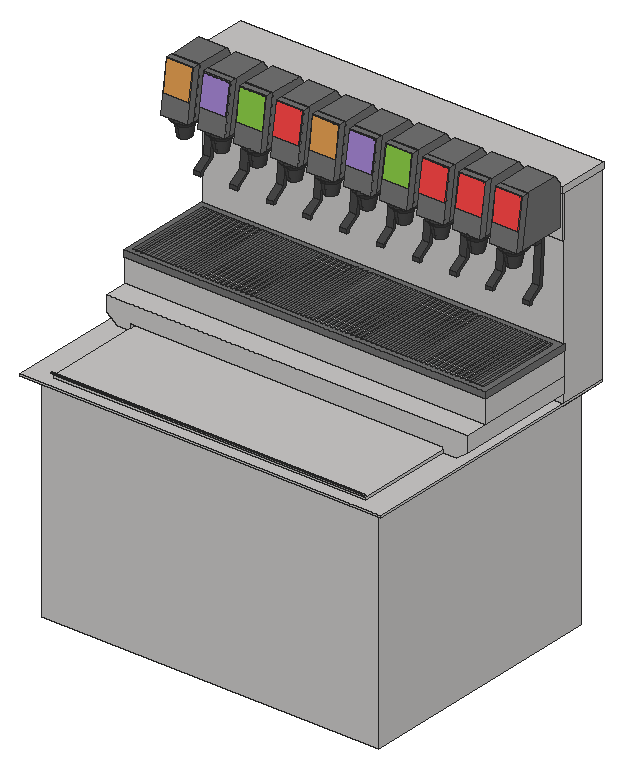
Revit family "QF_LANCER_ICD 23300", category Specialty Equipment, Revit 2012
Parameters
  Weight in Pounds = 0
  Watts = if(Phase = 3, Volts * FL Amps * 1.73, Volts * FL Amps)  # 0 W
  Waste Water Discharge Temperature [instance] = -459.67 °F
  Volts = 115 V
  URL Cutsheet = ""
  Type Mark [instance] = ""
  Status [instance] = ""
  Specification by User [instance] = ""
  Specification by Manufacturer = ""
  Show Clearance [instance] = yes
  Serial Number = ""
  Seismic Rating = ""
  SMACNA No = ""
  Revision Code [instance] = ""
  Plumbing Remarks [instance] = ""
  Plumbing Connection Type [instance] = ""
  Phase = 1
  Omniclass Number and Title = ""
  Number of Poles [instance] = 1
  NAFEM Spec ID Number = ""
  Model = "ICD 23300"
  Min Ckt Ampacity = 0 A
  Max Overcurrent Protection = 0 A
  Masterspec = ""
  Manufacturer = "LANCER"
  Item Number [instance] = ""
  Installed By [instance] = ""
  Indirect Waste Size = 3/4"
  Indirect Waste Flow [instance] = 0 GPM
  Indirect Waste Connection Type [instance] = ""
  Indirect Waste Connection Height = 0.000"
  Identify Quantity as Lot [instance] = yes
  HP = ""
  Furnished By [instance] = ""
  Foodservice Equipment Identifier [instance] = yes
  FL Amps = 0 A
  Electrical Remarks [instance] = ""
  Electric Connection Type [instance] = ""
  Elec Conn RI Height [instance] = 0.000"
  Elec Conn Connection Height [instance] = 0.000"
  Description = "ICE COOLED DROP IN DISPENSER"
  Cycle = 60 Hz
  Conn Plug = ""
  Conn Conduit = yes
  Cold Water Temperature Recommended [instance] = 0 °F
  Cold Water Size = 3/8"
  Cold Water RI Height [instance] = 0.000"
  Cold Water Minimum Pressure = 0.00 psi
  Cold Water Maximum Pressure = 0.00 psi
  Cold Water Flow [instance] = 0 GPM
  Cold Water Consumption = ""
  Cold Water Connection Height = 0.000"
  CSI MasterFormat = ""
  CSI Master Format = ""
  Apparent Power = if(Phase = 3, Volts * FL Amps * 1.73, Volts * FL Amps)  # 0 VA
Reference planes (in)
  plane 1 "BACK": y = 0
  plane 2: z = 0
  plane 3 "LEFT": x = 0
  plane 4 "RIGHT": x = 30
  plane 5 "FRONT": y = -23
  plane 6 "TOP": z = 35.25
  plane 7: x = 15
  plane 8: y = -11.5
  plane 9: z = 18
Forms (in)
  Extrusion 1, solid, material "QF_Finishes_Stainless Steel"
    sketch origin (0, 0, 0) x (1, 0, 0) y (0, 1, 0)
      loop
        line (1, -1) -> (1, -22) -> (29, -22) -> (29, -1) -> (1, -1)
    from 0 to 18
  Extrusion 2, solid, material "QF_Finishes_Stainless Steel"
    sketch origin (-16.16073, -180, 18) x (-1, 0, 0) y (0, -1, 0)
      loop
        line (-16.16073, -180) -> (-16.16073, -157) -> (-46.16073, -157) -> (-46.16073, -180) -> (-16.16073, -180)
    from 0 to 0.125
  Extrusion 3, solid, material "QF_Finishes_Stainless Steel"
    sketch origin (-16.16073, -180, 18) x (-1, 0, 0) y (0, -1, 0)
      loop
        line (-16.16073, -180) -> (-16.16073, -176) -> (-46.16073, -176) -> (-46.16073, -180) -> (-16.16073, -180)
    from 0 to 15.85
  Extrusion 4, solid, material "QF_Finishes_Stainless Steel"
    sketch origin (30, -4, 18) x (-1, 0, 0) y (0, 0, -1)
      loop
        line (29.08152, -0.125) -> (27.96875, -0.125) -> (27.96875, -0.625) -> (2.03125, -0.625) -> (2.03125, -0.125) -> (0.91848, -0.125) -> (0, -0.84669) -> (0, -2.125) -> (30, -2.125) -> (30, -0.84669) -> (29.08152, -0.125)
    from 0 to 10
  Extrusion 5, solid, material "QF_Finishes_Stainless Steel"
    sketch origin (0, -4, 20.125) x (1, 0, 0) y (0, 1, 0)
      loop
        line (0, 0) -> (0, -8.09495) -> (30, -8.09495) -> (30, 0) -> (0, 0)
    from 0 to 2
  Extrusion 6, solid, material "QF_Finishes_Dark Grey"
    sketch origin (0, -4, 22.125) x (1, 0, 0) y (0, 1, 0)
      loop
        line (0.375, -7.71995) -> (29.625, -7.71995) -> (29.625, -0.5) -> (0.375, -0.5) -> (0.375, -7.71995)
      loop
        line (-0.062, -8.15695) -> (30.062, -8.15695) -> (30.062, 0) -> (-0.062, 0) -> (-0.062, -8.15695)
    from 0 to 0.5
  Extrusion 7, solid, material "QF_Finishes_Dark Grey"
    sketch origin (0, -4, 22.625) x (1, 0, 0) y (0, 1, 0)
      loop
        line (0.63447, -7.71995) -> (0.80916, -7.71995) -> (0.80916, -0.5) -> (0.63447, -0.5) -> (0.63447, -7.71995)
      loop
        line (1.0491, -7.71995) -> (1.22379, -7.71995) -> (1.22379, -0.5) -> (1.0491, -0.5) -> (1.0491, -7.71995)
      loop
        line (1.46373, -7.71995) -> (1.63842, -7.71995) -> (1.63842, -0.5) -> (1.46373, -0.5) -> (1.46373, -7.71995)
      loop
        line (1.87836, -7.71995) -> (2.05306, -7.71995) -> (2.05306, -0.5) -> (1.87836, -0.5) -> (1.87836, -7.71995)
      loop
        line (2.29299, -7.71995) -> (2.46769, -7.71995) -> (2.46769, -0.5) -> (2.29299, -0.5) -> (2.29299, -7.71995)
      loop
        line (2.70762, -7.71995) -> (2.88232, -7.71995) -> (2.88232, -0.5) -> (2.70762, -0.5) -> (2.70762, -7.71995)
      loop
        line (3.12226, -7.71995) -> (3.29695, -7.71995) -> (3.29695, -0.5) -> (3.12226, -0.5) -> (3.12226, -7.71995)
      loop
        line (3.53689, -7.71995) -> (3.71158, -7.71995) -> (3.71158, -0.5) -> (3.53689, -0.5) -> (3.53689, -7.71995)
      loop
        line (3.95152, -7.71995) -> (4.12621, -7.71995) -> (4.12621, -0.5) -> (3.95152, -0.5) -> (3.95152, -7.71995)
      loop
        line (4.36615, -7.71995) -> (4.54084, -7.71995) -> (4.54084, -0.5) -> (4.36615, -0.5) -> (4.36615, -7.71995)
      loop
        line (4.78078, -7.71995) -> (4.95547, -7.71995) -> (4.95547, -0.5) -> (4.78078, -0.5) -> (4.78078, -7.71995)
      loop
        line (5.19541, -7.71995) -> (5.37011, -7.71995) -> (5.37011, -0.5) -> (5.19541, -0.5) -> (5.19541, -7.71995)
      loop
        line (5.61004, -7.71995) -> (5.78474, -7.71995) -> (5.78474, -0.5) -> (5.61004, -0.5) -> (5.61004, -7.71995)
      loop
        line (6.02467, -7.71995) -> (6.19937, -7.71995) -> (6.19937, -0.5) -> (6.02467, -0.5) -> (6.02467, -7.71995)
      loop
        line (6.4393, -7.71995) -> (6.614, -7.71995) -> (6.614, -0.5) -> (6.4393, -0.5) -> (6.4393, -7.71995)
      loop
        line (6.85394, -7.71995) -> (7.02863, -7.71995) -> (7.02863, -0.5) -> (6.85394, -0.5) -> (6.85394, -7.71995)
      loop
        line (7.26857, -7.71995) -> (7.44326, -7.71995) -> (7.44326, -0.5) -> (7.26857, -0.5) -> (7.26857, -7.71995)
      loop
        line (7.6832, -7.71995) -> (7.85789, -7.71995) -> (7.85789, -0.5) -> (7.6832, -0.5) -> (7.6832, -7.71995)
      loop
        line (8.09783, -7.71995) -> (8.27252, -7.71995) -> (8.27252, -0.5) -> (8.09783, -0.5) -> (8.09783, -7.71995)
      loop
        line (8.51246, -7.71995) -> (8.68716, -7.71995) -> (8.68716, -0.5) -> (8.51246, -0.5) -> (8.51246, -7.71995)
      loop
        line (8.92709, -7.71995) -> (9.10179, -7.71995) -> (9.10179, -0.5) -> (8.92709, -0.5) -> (8.92709, -7.71995)
      loop
        line (9.34172, -7.71995) -> (9.51642, -7.71995) -> (9.51642, -0.5) -> (9.34172, -0.5) -> (9.34172, -7.71995)
      loop
        line (9.75635, -7.71995) -> (9.93105, -7.71995) -> (9.93105, -0.5) -> (9.75635, -0.5) -> (9.75635, -7.71995)
      loop
        line (10.17099, -7.71995) -> (10.34568, -7.71995) -> (10.34568, -0.5) -> (10.17099, -0.5) -> (10.17099, -7.71995)
      loop
        line (10.58562, -7.71995) -> (10.76031, -7.71995) -> (10.76031, -0.5) -> (10.58562, -0.5) -> (10.58562, -7.71995)
      loop
        line (11.00025, -7.71995) -> (11.17494, -7.71995) -> (11.17494, -0.5) -> (11.00025, -0.5) -> (11.00025, -7.71995)
      loop
        line (11.41488, -7.71995) -> (11.58957, -7.71995) -> (11.58957, -0.5) -> (11.41488, -0.5) -> (11.41488, -7.71995)
      loop
        line (11.82951, -7.71995) -> (12.0042, -7.71995) -> (12.0042, -0.5) -> (11.82951, -0.5) -> (11.82951, -7.71995)
      loop
        line (12.24414, -7.71995) -> (12.41884, -7.71995) -> (12.41884, -0.5) -> (12.24414, -0.5) -> (12.24414, -7.71995)
      loop
        line (12.65877, -7.71995) -> (12.83347, -7.71995) -> (12.83347, -0.5) -> (12.65877, -0.5) -> (12.65877, -7.71995)
      loop
        line (13.0734, -7.71995) -> (13.2481, -7.71995) -> (13.2481, -0.5) -> (13.0734, -0.5) -> (13.0734, -7.71995)
      loop
        line (13.48804, -7.71995) -> (13.66273, -7.71995) -> (13.66273, -0.5) -> (13.48804, -0.5) -> (13.48804, -7.71995)
      loop
        line (13.90267, -7.71995) -> (14.07736, -7.71995) -> (14.07736, -0.5) -> (13.90267, -0.5) -> (13.90267, -7.71995)
      loop
        line (14.3173, -7.71995) -> (14.49199, -7.71995) -> (14.49199, -0.5) -> (14.3173, -0.5) -> (14.3173, -7.71995)
      loop
        line (14.73193, -7.71995) -> (14.90662, -7.71995) -> (14.90662, -0.5) -> (14.73193, -0.5) -> (14.73193, -7.71995)
      loop
        line (15.14656, -7.71995) -> (15.32125, -7.71995) -> (15.32125, -0.5) -> (15.14656, -0.5) -> (15.14656, -7.71995)
      loop
        line (15.56119, -7.71995) -> (15.73589, -7.71995) -> (15.73589, -0.5) -> (15.56119, -0.5) -> (15.56119, -7.71995)
      loop
        line (15.97582, -7.71995) -> (16.15052, -7.71995) -> (16.15052, -0.5) -> (15.97582, -0.5) -> (15.97582, -7.71995)
      loop
        line (16.39045, -7.71995) -> (16.56515, -7.71995) -> (16.56515, -0.5) -> (16.39045, -0.5) -> (16.39045, -7.71995)
      loop
        line (16.80508, -7.71995) -> (16.97978, -7.71995) -> (16.97978, -0.5) -> (16.80508, -0.5) -> (16.80508, -7.71995)
      loop
        line (17.21972, -7.71995) -> (17.39441, -7.71995) -> (17.39441, -0.5) -> (17.21972, -0.5) -> (17.21972, -7.71995)
      loop
        line (17.63435, -7.71995) -> (17.80904, -7.71995) -> (17.80904, -0.5) -> (17.63435, -0.5) -> (17.63435, -7.71995)
      loop
        line (18.04898, -7.71995) -> (18.22367, -7.71995) -> (18.22367, -0.5) -> (18.04898, -0.5) -> (18.04898, -7.71995)
      loop
        line (18.46361, -7.71995) -> (18.6383, -7.71995) -> (18.6383, -0.5) -> (18.46361, -0.5) -> (18.46361, -7.71995)
      loop
        line (18.87824, -7.71995) -> (19.05294, -7.71995) -> (19.05294, -0.5) -> (18.87824, -0.5) -> (18.87824, -7.71995)
      loop
        line (19.29287, -7.71995) -> (19.46757, -7.71995) -> (19.46757, -0.5) -> (19.29287, -0.5) -> (19.29287, -7.71995)
      loop
        line (19.7075, -7.71995) -> (19.8822, -7.71995) -> (19.8822, -0.5) -> (19.7075, -0.5) -> (19.7075, -7.71995)
      loop
        line (20.12213, -7.71995) -> (20.29683, -7.71995) -> (20.29683, -0.5) -> (20.12213, -0.5) -> (20.12213, -7.71995)
      loop
        line (20.53677, -7.71995) -> (20.71146, -7.71995) -> (20.71146, -0.5) -> (20.53677, -0.5) -> (20.53677, -7.71995)
      loop
        line (20.9514, -7.71995) -> (21.12609, -7.71995) -> (21.12609, -0.5) -> (20.9514, -0.5) -> (20.9514, -7.71995)
      loop
        line (21.36603, -7.71995) -> (21.54072, -7.71995) -> (21.54072, -0.5) -> (21.36603, -0.5) -> (21.36603, -7.71995)
      loop
        line (21.78066, -7.71995) -> (21.95535, -7.71995) -> (21.95535, -0.5) -> (21.78066, -0.5) -> (21.78066, -7.71995)
      loop
        line (22.19529, -7.71995) -> (22.36998, -7.71995) -> (22.36998, -0.5) -> (22.19529, -0.5) -> (22.19529, -7.71995)
      loop
        line (22.60992, -7.71995) -> (22.78462, -7.71995) -> (22.78462, -0.5) -> (22.60992, -0.5) -> (22.60992, -7.71995)
      loop
        line (23.02455, -7.71995) -> (23.19925, -7.71995) -> (23.19925, -0.5) -> (23.02455, -0.5) -> (23.02455, -7.71995)
      loop
        line (23.43918, -7.71995) -> (23.61388, -7.71995) -> (23.61388, -0.5) -> (23.43918, -0.5) -> (23.43918, -7.71995)
      loop
        line (23.85382, -7.71995) -> (24.02851, -7.71995) -> (24.02851, -0.5) -> (23.85382, -0.5) -> (23.85382, -7.71995)
      loop
        line (24.26845, -7.71995) -> (24.44314, -7.71995) -> (24.44314, -0.5) -> (24.26845, -0.5) -> (24.26845, -7.71995)
      loop
        line (24.68308, -7.71995) -> (24.85777, -7.71995) -> (24.85777, -0.5) -> (24.68308, -0.5) -> (24.68308, -7.71995)
      loop
        line (25.09771, -7.71995) -> (25.2724, -7.71995) -> (25.2724, -0.5) -> (25.09771, -0.5) -> (25.09771, -7.71995)
      loop
        line (25.51234, -7.71995) -> (25.68703, -7.71995) -> (25.68703, -0.5) -> (25.51234, -0.5) -> (25.51234, -7.71995)
      loop
        line (25.92697, -7.71995) -> (26.10167, -7.71995) -> (26.10167, -0.5) -> (25.92697, -0.5) -> (25.92697, -7.71995)
      loop
        line (26.3416, -7.71995) -> (26.5163, -7.71995) -> (26.5163, -0.5) -> (26.3416, -0.5) -> (26.3416, -7.71995)
      loop
        line (26.75623, -7.71995) -> (26.93093, -7.71995) -> (26.93093, -0.5) -> (26.75623, -0.5) -> (26.75623, -7.71995)
      loop
        line (27.17086, -7.71995) -> (27.34556, -7.71995) -> (27.34556, -0.5) -> (27.17086, -0.5) -> (27.17086, -7.71995)
      loop
        line (27.5855, -7.71995) -> (27.76019, -7.71995) -> (27.76019, -0.5) -> (27.5855, -0.5) -> (27.5855, -7.71995)
      loop
        line (28.00013, -7.71995) -> (28.17482, -7.71995) -> (28.17482, -0.5) -> (28.00013, -0.5) -> (28.00013, -7.71995)
      loop
        line (28.41476, -7.71995) -> (28.58945, -7.71995) -> (28.58945, -0.5) -> (28.41476, -0.5) -> (28.41476, -7.71995)
      loop
        line (28.82939, -7.71995) -> (29.00408, -7.71995) -> (29.00408, -0.5) -> (28.82939, -0.5) -> (28.82939, -7.71995)
      loop
        line (29.24402, -7.71995) -> (29.41872, -7.71995) -> (29.41872, -0.5) -> (29.24402, -0.5) -> (29.24402, -7.71995)
    from 0 to -0.125
  Extrusion 8, solid, material "QF_Finishes_Stainless Steel"
    sketch origin (-16.16073, -180, 33.85) x (-1, 0, 0) y (0, -1, 0)
      loop
        line (-16.09873, -175.875) -> (-46.22273, -175.875) -> (-46.22273, -180.062) -> (-16.09873, -180.062) -> (-16.09873, -175.875)
    from 0 to 0.5
  Extrusion 9, solid, material "QF_Finishes_Stainless Steel"
    sketch origin (30, -4, 18) x (-1, 0, 0) y (0, 0, -1)
      loop
        line (27.5, -0.125) -> (2.03125, -0.125) -> (2.03125, -0.625) -> (27.5, -0.625) -> (27.5, -0.125)
    from 0 to 9
  Extrusion 10, solid, material "QF_Finishes_Stainless Steel"
    sketch origin (2.03125, -4, 18.125) x (0, 0, 1) y (0, -1, 0)
      loop
        line (0, 9) -> (0.25, 9) -> (0.25, 17.96094) -> (0.57338, 18.28431) -> (0.52883, 18.32886) -> (0.19997, 18) -> (0, 18) -> (0, 9)
    from 0 to 25.9375
  Extrusion 11, solid, material "QF_Finishes_Stainless Steel"
    sketch origin (30, -4, 18) x (-1, 0, 0) y (0, 0, -1)
      loop
        line (30, -15.85) -> (30, -12.35) -> (0, -12.35) -> (0, -15.85) -> (30, -15.85)
    from 0 to 0.125
  Extrusion 12, solid, material "QF_Finishes_Stainless Steel"
    sketch origin (1, -1, 0) x (1, 0, 0) y (0, 0, -1)
      loop
        circle (14, -2.16687) r 0.5
      loop
        circle (14, -4.66687) r 0.1875
    from 0 to -0.125
Lines and regions (in)
  symbolic lines
    curve 1: line (0, 0, 18) -> (30, 0, 18)
    curve 2: line (0, -23, 18) -> (0, 0, 18)
    curve 3: line (30, -23, 18) -> (0, -23, 18)
    curve 4: line (30, 0, 18) -> (30, -23, 18)
    curve 5: line (0, -12.15695, 18) -> (30, -12.15695, 18)
    curve 6: line (0, -14, 18) -> (30, -14, 18)
    curve 7: line (2.03125, -14, 18) -> (2.03125, -22.28431, 18)
    curve 8: line (27.96875, -22.28431, 18) -> (27.96875, -14, 18)
    curve 9: line (2.03125, -22.28431, 18) -> (27.96875, -22.28431, 18)
    curve 10: line (2.03125, -21.96094, 18) -> (27.96875, -21.96094, 18)
    curve 11: line (0.375, -11.71995, 18) -> (0.375, -8.63085, 18)
    curve 12: line (29.625, -11.71995, 18) -> (0.375, -11.71995, 18)
    curve 13: line (29.625, -8.63085, 18) -> (29.625, -11.71995, 18)
    curve 14: line (2.44756, -8.63085, 18) -> (0.19756, -8.63085, 18)
    curve 15: line (2.44756, -4.125, 18) -> (2.44756, -8.63085, 18)
    curve 16: line (0.19756, -8.63085, 18) -> (0.19756, -4.125, 18)
    curve 17: line (0.19756, -4.625, 18) -> (2.44756, -4.625, 18)
    curve 18: line (2.44756, -7.99564, 18) -> (0.19756, -7.99564, 18)
    curve 19: line (0.24756, -8.00341, 18) -> (0.24756, -8.41454, 18)
    curve 20: line (0.24756, -8.41454, 18) -> (2.39756, -8.41454, 18)
    curve 21: line (0.19756, -7.42572, 18) -> (2.44756, -7.42572, 18)
    curve 22: line (2.39756, -8.41454, 18) -> (2.39756, -8.00341, 18)
    curve 23: line (0, -4.125, 18) -> (30, -4.125, 18)
    curve 24: line (5.48699, -8.63085, 18) -> (3.23699, -8.63085, 18)
    curve 25: line (5.48699, -4.125, 18) -> (5.48699, -8.63085, 18)
    curve 26: line (3.23699, -8.63085, 18) -> (3.23699, -4.125, 18)
    curve 27: line (3.23699, -4.625, 18) -> (5.48699, -4.625, 18)
    curve 28: line (5.48699, -7.99564, 18) -> (3.23699, -7.99564, 18)
    curve 29: line (3.28699, -8.00341, 18) -> (3.28699, -8.41454, 18)
    curve 30: line (3.28699, -8.41454, 18) -> (5.43699, -8.41454, 18)
    curve 31: line (3.23699, -7.42572, 18) -> (5.48699, -7.42572, 18)
    curve 32: line (5.43699, -8.41454, 18) -> (5.43699, -8.00341, 18)
    curve 33: line (8.52642, -8.63085, 18) -> (6.27642, -8.63085, 18)
    curve 34: line (8.52642, -4.125, 18) -> (8.52642, -8.63085, 18)
    curve 35: line (6.27642, -8.63085, 18) -> (6.27642, -4.125, 18)
    curve 36: line (6.27642, -4.625, 18) -> (8.52642, -4.625, 18)
    curve 37: line (8.52642, -7.99564, 18) -> (6.27642, -7.99564, 18)
    curve 38: line (6.32642, -8.00341, 18) -> (6.32642, -8.41454, 18)
    curve 39: line (6.32642, -8.41454, 18) -> (8.47642, -8.41454, 18)
    curve 40: line (6.27642, -7.42572, 18) -> (8.52642, -7.42572, 18)
    curve 41: line (8.47642, -8.41454, 18) -> (8.47642, -8.00341, 18)
    curve 42: line (11.56585, -8.63085, 18) -> (9.31585, -8.63085, 18)
    curve 43: line (11.56585, -4.125, 18) -> (11.56585, -8.63085, 18)
    curve 44: line (9.31585, -8.63085, 18) -> (9.31585, -4.125, 18)
    curve 45: line (9.31585, -4.625, 18) -> (11.56585, -4.625, 18)
    curve 46: line (11.56585, -7.99564, 18) -> (9.31585, -7.99564, 18)
    curve 47: line (9.36585, -8.00341, 18) -> (9.36585, -8.41454, 18)
    curve 48: line (9.36585, -8.41454, 18) -> (11.51585, -8.41454, 18)
    curve 49: line (9.31585, -7.42572, 18) -> (11.56585, -7.42572, 18)
    curve 50: line (11.51585, -8.41454, 18) -> (11.51585, -8.00341, 18)
    curve 51: line (14.60528, -8.63085, 18) -> (12.35528, -8.63085, 18)
    curve 52: line (14.60528, -4.125, 18) -> (14.60528, -8.63085, 18)
    curve 53: line (12.35528, -8.63085, 18) -> (12.35528, -4.125, 18)
    curve 54: line (12.35528, -4.625, 18) -> (14.60528, -4.625, 18)
    curve 55: line (14.60528, -7.99564, 18) -> (12.35528, -7.99564, 18)
    curve 56: line (12.40528, -8.00341, 18) -> (12.40528, -8.41454, 18)
    curve 57: line (12.40528, -8.41454, 18) -> (14.55528, -8.41454, 18)
    curve 58: line (12.35528, -7.42572, 18) -> (14.60528, -7.42572, 18)
    curve 59: line (14.55528, -8.41454, 18) -> (14.55528, -8.00341, 18)
    curve 60: line (17.64472, -8.63085, 18) -> (15.39472, -8.63085, 18)
    curve 61: line (17.64472, -4.125, 18) -> (17.64472, -8.63085, 18)
    curve 62: line (15.39472, -8.63085, 18) -> (15.39472, -4.125, 18)
    curve 63: line (15.39472, -4.625, 18) -> (17.64472, -4.625, 18)
    curve 64: line (17.64472, -7.99564, 18) -> (15.39472, -7.99564, 18)
    curve 65: line (15.44472, -8.00341, 18) -> (15.44472, -8.41454, 18)
    curve 66: line (15.44472, -8.41454, 18) -> (17.59472, -8.41454, 18)
    curve 67: line (15.39472, -7.42572, 18) -> (17.64472, -7.42572, 18)
    curve 68: line (17.59472, -8.41454, 18) -> (17.59472, -8.00341, 18)
    curve 69: line (20.68415, -8.63085, 18) -> (18.43415, -8.63085, 18)
    curve 70: line (20.68415, -4.125, 18) -> (20.68415, -8.63085, 18)
    curve 71: line (18.43415, -8.63085, 18) -> (18.43415, -4.125, 18)
    curve 72: line (18.43415, -4.625, 18) -> (20.68415, -4.625, 18)
    curve 73: line (20.68415, -7.99564, 18) -> (18.43415, -7.99564, 18)
    curve 74: line (18.48415, -8.00341, 18) -> (18.48415, -8.41454, 18)
    curve 75: line (18.48415, -8.41454, 18) -> (20.63415, -8.41454, 18)
    curve 76: line (18.43415, -7.42572, 18) -> (20.68415, -7.42572, 18)
    curve 77: line (20.63415, -8.41454, 18) -> (20.63415, -8.00341, 18)
    curve 78: line (23.72358, -8.63085, 18) -> (21.47358, -8.63085, 18)
    curve 79: line (23.72358, -4.125, 18) -> (23.72358, -8.63085, 18)
    curve 80: line (21.47358, -8.63085, 18) -> (21.47358, -4.125, 18)
    curve 81: line (21.47358, -4.625, 18) -> (23.72358, -4.625, 18)
    curve 82: line (23.72358, -7.99564, 18) -> (21.47358, -7.99564, 18)
    curve 83: line (21.52358, -8.00341, 18) -> (21.52358, -8.41454, 18)
    curve 84: line (21.52358, -8.41454, 18) -> (23.67358, -8.41454, 18)
    curve 85: line (21.47358, -7.42572, 18) -> (23.72358, -7.42572, 18)
    curve 86: line (23.67358, -8.41454, 18) -> (23.67358, -8.00341, 18)
    curve 87: line (26.76301, -8.63085, 18) -> (24.51301, -8.63085, 18)
    curve 88: line (26.76301, -4.125, 18) -> (26.76301, -8.63085, 18)
    curve 89: line (24.51301, -8.63085, 18) -> (24.51301, -4.125, 18)
    curve 90: line (24.51301, -4.625, 18) -> (26.76301, -4.625, 18)
    curve 91: line (26.76301, -7.99564, 18) -> (24.51301, -7.99564, 18)
    curve 92: line (24.56301, -8.00341, 18) -> (24.56301, -8.41454, 18)
    curve 93: line (24.56301, -8.41454, 18) -> (26.71301, -8.41454, 18)
    curve 94: line (24.51301, -7.42572, 18) -> (26.76301, -7.42572, 18)
    curve 95: line (26.71301, -8.41454, 18) -> (26.71301, -8.00341, 18)
    curve 96: line (29.80244, -8.63085, 18) -> (27.55244, -8.63085, 18)
    curve 97: line (29.80244, -4.125, 18) -> (29.80244, -8.63085, 18)
    curve 98: line (27.55244, -8.63085, 18) -> (27.55244, -4.125, 18)
    curve 99: line (27.55244, -4.625, 18) -> (29.80244, -4.625, 18)
    curve 100: line (29.80244, -7.99564, 18) -> (27.55244, -7.99564, 18)
    curve 101: line (27.60244, -8.00341, 18) -> (27.60244, -8.41454, 18)
    curve 102: line (27.60244, -8.41454, 18) -> (29.75244, -8.41454, 18)
    curve 103: line (27.55244, -7.42572, 18) -> (29.80244, -7.42572, 18)
    curve 104: line (29.75244, -8.41454, 18) -> (29.75244, -8.00341, 18)
    curve 105: line (0.63447, -8.63085, 16.125) -> (0.63447, -11.71995, 16.125)
    curve 106: line (0.80916, -11.71995, 16.125) -> (0.80916, -8.63085, 16.125)
    curve 107: line (1.0491, -8.63085, 16.125) -> (1.0491, -11.71995, 16.125)
    curve 108: line (1.22379, -11.71995, 16.125) -> (1.22379, -8.63085, 16.125)
    curve 109: line (1.46373, -8.63085, 16.125) -> (1.46373, -11.71995, 16.125)
    curve 110: line (1.63842, -11.71995, 16.125) -> (1.63842, -8.63085, 16.125)
    curve 111: line (1.87836, -8.63085, 16.125) -> (1.87836, -11.71995, 16.125)
    curve 112: line (2.05306, -11.71995, 16.125) -> (2.05306, -8.63085, 16.125)
    curve 113: line (2.29299, -8.63085, 16.125) -> (2.29299, -11.71995, 16.125)
    curve 114: line (2.46769, -11.71995, 16.125) -> (2.46769, -8.63085, 16.125)
    curve 115: line (2.70762, -4.125, 16.125) -> (2.70762, -11.71995, 16.125)
    curve 116: line (2.88232, -11.71995, 16.125) -> (2.88232, -4.125, 16.125)
    curve 117: line (3.12226, -4.125, 16.125) -> (3.12226, -11.71995, 16.125)
    curve 118: line (3.29695, -11.71995, 16.125) -> (3.29695, -8.63085, 16.125)
    curve 119: line (3.53689, -8.63085, 16.125) -> (3.53689, -11.71995, 16.125)
    curve 120: line (3.71158, -11.71995, 16.125) -> (3.71158, -8.63085, 16.125)
    curve 121: line (3.95152, -8.63085, 16.125) -> (3.95152, -11.71995, 16.125)
    curve 122: line (4.12621, -11.71995, 16.125) -> (4.12621, -8.63085, 16.125)
    curve 123: line (4.36615, -8.63085, 16.125) -> (4.36615, -11.71995, 16.125)
    curve 124: line (4.54084, -11.71995, 16.125) -> (4.54084, -8.63085, 16.125)
    curve 125: line (4.78078, -8.63085, 16.125) -> (4.78078, -11.71995, 16.125)
    curve 126: line (4.95547, -11.71995, 16.125) -> (4.95547, -8.63085, 16.125)
    curve 127: line (5.19541, -8.63085, 16.125) -> (5.19541, -11.71995, 16.125)
    curve 128: line (5.37011, -11.71995, 16.125) -> (5.37011, -8.63085, 16.125)
    curve 129: line (5.61004, -4.125, 16.125) -> (5.61004, -11.71995, 16.125)
    curve 130: line (5.78474, -11.71995, 16.125) -> (5.78474, -4.125, 16.125)
    curve 131: line (6.02467, -4.125, 16.125) -> (6.02467, -11.71995, 16.125)
    curve 132: line (6.19937, -11.71995, 16.125) -> (6.19937, -4.125, 16.125)
    curve 133: line (6.4393, -8.63085, 16.125) -> (6.4393, -11.71995, 16.125)
    curve 134: line (6.614, -11.71995, 16.125) -> (6.614, -8.63085, 16.125)
    curve 135: line (6.85394, -8.63085, 16.125) -> (6.85394, -11.71995, 16.125)
    curve 136: line (7.02863, -11.71995, 16.125) -> (7.02863, -8.63085, 16.125)
    curve 137: line (7.26857, -8.63085, 16.125) -> (7.26857, -11.71995, 16.125)
    curve 138: line (7.44326, -11.71995, 16.125) -> (7.44326, -8.63085, 16.125)
    curve 139: line (7.6832, -8.63085, 16.125) -> (7.6832, -11.71995, 16.125)
    curve 140: line (7.85789, -11.71995, 16.125) -> (7.85789, -8.63085, 16.125)
    curve 141: line (8.09783, -8.63085, 16.125) -> (8.09783, -11.71995, 16.125)
    curve 142: line (8.27252, -11.71995, 16.125) -> (8.27252, -8.63085, 16.125)
    curve 143: line (8.51246, -8.63085, 16.125) -> (8.51246, -11.71995, 16.125)
    curve 144: line (8.68716, -11.71995, 16.125) -> (8.68716, -4.125, 16.125)
    curve 145: line (8.92709, -4.125, 16.125) -> (8.92709, -11.71995, 16.125)
    curve 146: line (9.10179, -11.71995, 16.125) -> (9.10179, -4.125, 16.125)
    curve 147: line (9.34172, -8.63085, 16.125) -> (9.34172, -11.71995, 16.125)
    curve 148: line (9.51642, -11.71995, 16.125) -> (9.51642, -8.63085, 16.125)
    curve 149: line (9.75635, -8.63085, 16.125) -> (9.75635, -11.71995, 16.125)
    curve 150: line (9.93105, -11.71995, 16.125) -> (9.93105, -8.63085, 16.125)
    curve 151: line (10.17099, -8.63085, 16.125) -> (10.17099, -11.71995, 16.125)
    curve 152: line (10.34568, -11.71995, 16.125) -> (10.34568, -8.63085, 16.125)
    curve 153: line (10.58562, -8.63085, 16.125) -> (10.58562, -11.71995, 16.125)
    curve 154: line (10.76031, -11.71995, 16.125) -> (10.76031, -8.63085, 16.125)
    curve 155: line (11.00025, -8.63085, 16.125) -> (11.00025, -11.71995, 16.125)
    curve 156: line (11.17494, -11.71995, 16.125) -> (11.17494, -8.63085, 16.125)
    curve 157: line (11.41488, -8.63085, 16.125) -> (11.41488, -11.71995, 16.125)
    curve 158: line (11.58957, -11.71995, 16.125) -> (11.58957, -8.63085, 16.125)
    curve 159: line (11.82951, -4.125, 16.125) -> (11.82951, -11.71995, 16.125)
    curve 160: line (12.0042, -11.71995, 16.125) -> (12.0042, -4.125, 16.125)
    curve 161: line (12.24414, -4.125, 16.125) -> (12.24414, -11.71995, 16.125)
    curve 162: line (12.41884, -11.71995, 16.125) -> (12.41884, -8.63085, 16.125)
    curve 163: line (12.65877, -8.63085, 16.125) -> (12.65877, -11.71995, 16.125)
    curve 164: line (12.83347, -11.71995, 16.125) -> (12.83347, -8.63085, 16.125)
    curve 165: line (13.0734, -8.63085, 16.125) -> (13.0734, -11.71995, 16.125)
    curve 166: line (13.2481, -11.71995, 16.125) -> (13.2481, -8.63085, 16.125)
    curve 167: line (13.48804, -8.63085, 16.125) -> (13.48804, -11.71995, 16.125)
    curve 168: line (13.66273, -11.71995, 16.125) -> (13.66273, -8.63085, 16.125)
    curve 169: line (13.90267, -8.63085, 16.125) -> (13.90267, -11.71995, 16.125)
    curve 170: line (14.07736, -11.71995, 16.125) -> (14.07736, -8.63085, 16.125)
    curve 171: line (14.3173, -8.63085, 16.125) -> (14.3173, -11.71995, 16.125)
    curve 172: line (14.49199, -11.71995, 16.125) -> (14.49199, -8.63085, 16.125)
    curve 173: line (14.73193, -4.125, 16.125) -> (14.73193, -11.71995, 16.125)
    curve 174: line (14.90662, -11.71995, 16.125) -> (14.90662, -4.125, 16.125)
    curve 175: line (15.14656, -4.125, 16.125) -> (15.14656, -11.71995, 16.125)
    curve 176: line (15.32125, -11.71995, 16.125) -> (15.32125, -4.125, 16.125)
    curve 177: line (15.56119, -8.63085, 16.125) -> (15.56119, -11.71995, 16.125)
    curve 178: line (15.73589, -11.71995, 16.125) -> (15.73589, -8.63085, 16.125)
    curve 179: line (15.97582, -8.63085, 16.125) -> (15.97582, -11.71995, 16.125)
    curve 180: line (16.15052, -11.71995, 16.125) -> (16.15052, -8.63085, 16.125)
    curve 181: line (16.39045, -8.63085, 16.125) -> (16.39045, -11.71995, 16.125)
    curve 182: line (16.56515, -11.71995, 16.125) -> (16.56515, -8.63085, 16.125)
    curve 183: line (16.80508, -8.63085, 16.125) -> (16.80508, -11.71995, 16.125)
    curve 184: line (16.97978, -11.71995, 16.125) -> (16.97978, -8.63085, 16.125)
    curve 185: line (17.21972, -8.63085, 16.125) -> (17.21972, -11.71995, 16.125)
    curve 186: line (17.39441, -11.71995, 16.125) -> (17.39441, -8.63085, 16.125)
    curve 187: line (17.63435, -8.63085, 16.125) -> (17.63435, -11.71995, 16.125)
    curve 188: line (17.80904, -11.71995, 16.125) -> (17.80904, -4.125, 16.125)
    curve 189: line (18.04898, -4.125, 16.125) -> (18.04898, -11.71995, 16.125)
    curve 190: line (18.22367, -11.71995, 16.125) -> (18.22367, -4.125, 16.125)
    curve 191: line (18.46361, -8.63085, 16.125) -> (18.46361, -11.71995, 16.125)
    curve 192: line (18.6383, -11.71995, 16.125) -> (18.6383, -8.63085, 16.125)
    curve 193: line (18.87824, -8.63085, 16.125) -> (18.87824, -11.71995, 16.125)
    curve 194: line (19.05294, -11.71995, 16.125) -> (19.05294, -8.63085, 16.125)
    curve 195: line (19.29287, -8.63085, 16.125) -> (19.29287, -11.71995, 16.125)
    curve 196: line (19.46757, -11.71995, 16.125) -> (19.46757, -8.63085, 16.125)
    curve 197: line (19.7075, -8.63085, 16.125) -> (19.7075, -11.71995, 16.125)
    curve 198: line (19.8822, -11.71995, 16.125) -> (19.8822, -8.63085, 16.125)
    curve 199: line (20.12213, -8.63085, 16.125) -> (20.12213, -11.71995, 16.125)
    curve 200: line (20.29683, -11.71995, 16.125) -> (20.29683, -8.63085, 16.125)
    curve 201: line (20.53677, -8.63085, 16.125) -> (20.53677, -11.71995, 16.125)
    curve 202: line (20.71146, -11.71995, 16.125) -> (20.71146, -4.125, 16.125)
    curve 203: line (20.9514, -4.125, 16.125) -> (20.9514, -11.71995, 16.125)
    curve 204: line (21.12609, -11.71995, 16.125) -> (21.12609, -4.125, 16.125)
    curve 205: line (21.36603, -4.125, 16.125) -> (21.36603, -11.71995, 16.125)
    curve 206: line (21.54072, -11.71995, 16.125) -> (21.54072, -8.63085, 16.125)
    curve 207: line (21.78066, -8.63085, 16.125) -> (21.78066, -11.71995, 16.125)
    curve 208: line (21.95535, -11.71995, 16.125) -> (21.95535, -8.63085, 16.125)
    curve 209: line (22.19529, -8.63085, 16.125) -> (22.19529, -11.71995, 16.125)
    curve 210: line (22.36998, -11.71995, 16.125) -> (22.36998, -8.63085, 16.125)
    curve 211: line (22.60992, -8.63085, 16.125) -> (22.60992, -11.71995, 16.125)
    curve 212: line (22.78462, -11.71995, 16.125) -> (22.78462, -8.63085, 16.125)
    curve 213: line (23.02455, -8.63085, 16.125) -> (23.02455, -11.71995, 16.125)
    curve 214: line (23.19925, -11.71995, 16.125) -> (23.19925, -8.63085, 16.125)
    curve 215: line (23.43918, -8.63085, 16.125) -> (23.43918, -11.71995, 16.125)
    curve 216: line (23.61388, -11.71995, 16.125) -> (23.61388, -8.63085, 16.125)
    curve 217: line (23.85382, -4.125, 16.125) -> (23.85382, -11.71995, 16.125)
    curve 218: line (24.02851, -11.71995, 16.125) -> (24.02851, -4.125, 16.125)
    curve 219: line (24.26845, -4.125, 16.125) -> (24.26845, -11.71995, 16.125)
    curve 220: line (24.44314, -11.71995, 16.125) -> (24.44314, -4.125, 16.125)
    curve 221: line (24.68308, -8.63085, 16.125) -> (24.68308, -11.71995, 16.125)
    curve 222: line (24.85777, -11.71995, 16.125) -> (24.85777, -8.63085, 16.125)
    curve 223: line (25.09771, -8.63085, 16.125) -> (25.09771, -11.71995, 16.125)
    curve 224: line (25.2724, -11.71995, 16.125) -> (25.2724, -8.63085, 16.125)
    curve 225: line (25.51234, -8.63085, 16.125) -> (25.51234, -11.71995, 16.125)
    curve 226: line (25.68703, -11.71995, 16.125) -> (25.68703, -8.63085, 16.125)
    curve 227: line (25.92697, -8.63085, 16.125) -> (25.92697, -11.71995, 16.125)
    curve 228: line (26.10167, -11.71995, 16.125) -> (26.10167, -8.63085, 16.125)
    curve 229: line (26.3416, -8.63085, 16.125) -> (26.3416, -11.71995, 16.125)
    curve 230: line (26.5163, -11.71995, 16.125) -> (26.5163, -8.63085, 16.125)
    curve 231: line (26.75623, -8.63085, 16.125) -> (26.75623, -11.71995, 16.125)
    curve 232: line (26.93093, -11.71995, 16.125) -> (26.93093, -4.125, 16.125)
    curve 233: line (27.17086, -4.125, 16.125) -> (27.17086, -11.71995, 16.125)
    curve 234: line (27.34556, -11.71995, 16.125) -> (27.34556, -4.125, 16.125)
    curve 235: line (27.5855, -8.63085, 16.125) -> (27.5855, -11.71995, 16.125)
    curve 236: line (27.76019, -11.71995, 16.125) -> (27.76019, -8.63085, 16.125)
    curve 237: line (28.00013, -8.63085, 16.125) -> (28.00013, -11.71995, 16.125)
    curve 238: line (28.17482, -11.71995, 16.125) -> (28.17482, -8.63085, 16.125)
    curve 239: line (28.41476, -8.63085, 16.125) -> (28.41476, -11.71995, 16.125)
    curve 240: line (28.58945, -11.71995, 16.125) -> (28.58945, -8.63085, 16.125)
    curve 241: line (28.82939, -8.63085, 16.125) -> (28.82939, -11.71995, 16.125)
    curve 242: line (29.00408, -11.71995, 16.125) -> (29.00408, -8.63085, 16.125)
    curve 243: line (29.24402, -8.63085, 16.125) -> (29.24402, -11.71995, 16.125)
    curve 244: line (29.41872, -11.71995, 16.125) -> (29.41872, -8.63085, 16.125)
Dimensions and locks (in)
  plane 3 "LEFT" to plane 4 "RIGHT" = 30.000"
  plane 5 "FRONT" to plane 1 "BACK" = 23.000"
  equal spacing: plane 3 "LEFT", plane 7, plane 4 "RIGHT"
  equal spacing: plane 5 "FRONT", plane 8, plane 1 "BACK"
  plane 6 "TOP" to plane 9 to level = 17.250", 18.000"
  plane 6 "TOP" to level = 35.250"
  aligned and locked: level to plane 2
  aligned and locked: Extrusion 1 to plane 9
Automatic sketch dimensions
  plane 3 "LEFT" to Extrusion 1 sketch curve = 1.000"
  plane 4 "RIGHT" to Extrusion 1 sketch curve = 1.000"
  Extrusion 1 sketch curve to plane 5 "FRONT" = 1.000"
  plane 1 "BACK" to Extrusion 1 sketch curve = 1.000"
  plane 1 "BACK" to Extrusion 2 sketch curve = 0.000"
  Extrusion 2 sketch curve to plane 4 "RIGHT" = 0.000"
  Extrusion 2 sketch curve to plane 3 "LEFT" = 0.000"
  plane 5 "FRONT" to Extrusion 2 sketch curve = 0.000"
  plane 1 "BACK" to Extrusion 3 sketch curve = 0.000"
  Extrusion 3 sketch curve to plane 4 "RIGHT" = 0.000"
  Extrusion 3 sketch curve to plane 3 "LEFT" = 0.000"
  Extrusion 3 sketch curve to Extrusion 3 sketch curve = 4.000"
  Extrusion 3 to Extrusion 8 sketch curve = 0.062"  (x3)
  Extrusion 3 to Extrusion 8 sketch curve = 0.125"
  Extrusion 4 sketch curve to Extrusion 3 = 0.000"  (x2)
  Extrusion 3 to Extrusion 4 sketch curve = 0.125"  (x2)
  Extrusion 4 sketch curve to Extrusion 3 = 0.91848"
  Extrusion 4 sketch curve to Extrusion 4 sketch curve = 1.11277"
  Extrusion 3 to Extrusion 4 sketch curve = 2.03125"
  Extrusion 3 to Extrusion 4 sketch curve = 0.91848"
  Extrusion 4 sketch curve to Extrusion 4 sketch curve = 0.500"
  Extrusion 3 to Extrusion 4 sketch curve = 0.84669"  (x2)
  Extrusion 4 sketch curve to Extrusion 4 sketch curve = 1.27831"
  Extrusion 5 sketch curve to Extrusion 4 = 0.000"  (x3)
  Extrusion 4 to Extrusion 5 sketch curve = 1.90505"
  Extrusion 6 sketch curve to Extrusion 5 = 0.000"
  Extrusion 5 to Extrusion 6 sketch curve = 0.062"  (x3)
  Extrusion 6 sketch curve to Extrusion 5 = 0.375"  (x3)
  Extrusion 6 sketch curve to Extrusion 5 = 0.500"
  Extrusion 6 to Extrusion 7 sketch curve = 0.000"  (x70)
  Extrusion 7 sketch curve to Extrusion 6 = 0.000"  (x70)
  Extrusion 6 to Extrusion 7 sketch curve = 0.25947"
  Extrusion 7 sketch curve to Extrusion 7 sketch curve = 0.17469"  (x70)
  Extrusion 7 sketch curve to Extrusion 7 sketch curve = 0.23994"  (x69)
  Extrusion 3 to Extrusion 9 sketch curve = 0.125"
  Extrusion 9 sketch curve to Extrusion 3 = 2.03125"
  Extrusion 3 to Extrusion 9 sketch curve = 0.625"
  Extrusion 3 to Extrusion 9 sketch curve = 2.500"
  Extrusion 10 sketch curve to Extrusion 4 = 0.000"
  Extrusion 10 sketch curve to Extrusion 10 sketch curve = 0.19997"
  Extrusion 10 sketch curve to Extrusion 10 sketch curve = 0.05003"
  Extrusion 4 to Extrusion 10 sketch curve = 0.02883"
  Extrusion 10 sketch curve to Extrusion 10 sketch curve = 0.04455"
  Extrusion 4 to Extrusion 10 sketch curve = 1.000"
  Extrusion 10 sketch curve to Extrusion 4 = 7.96094"
  Extrusion 10 sketch curve to Extrusion 10 sketch curve = 0.03906"
  Extrusion 11 sketch curve to Extrusion 3 = 0.000"  (x3)
  Extrusion 3 to Extrusion 11 sketch curve = 3.500"
  Extrusion 1 to Extrusion 12 sketch curve = 4.66687"
  Extrusion 12 sketch curve to Extrusion 1 = 14.000"
  Extrusion 12 sketch curve to Extrusion 12 sketch curve = 0.000"
  Extrusion 1 to Extrusion 12 sketch curve = 2.16687"
  curve 244 to curve 243 = 0.17469"
  curve 243 to curve 242 = 0.23994"
  curve 242 to curve 241 = 0.17469"
  curve 241 to curve 240 = 0.23994"
  curve 240 to curve 239 = 0.17469"
  curve 239 to curve 238 = 0.23994"
  curve 238 to curve 237 = 0.17469"
  curve 237 to curve 236 = 0.23994"
  curve 236 to curve 235 = 0.17469"
  curve 235 to curve 234 = 0.23994"
  curve 234 to curve 233 = 0.17469"
  curve 233 to curve 232 = 0.23994"
  curve 232 to curve 231 = 0.17469"
  curve 231 to curve 230 = 0.23994"
  curve 230 to curve 229 = 0.17469"
  curve 229 to curve 228 = 0.23994"
  curve 228 to curve 227 = 0.17469"
  curve 227 to curve 226 = 0.23994"
  curve 226 to curve 225 = 0.17469"
  curve 225 to curve 224 = 0.23994"
  curve 224 to curve 223 = 0.17469"
  curve 223 to curve 222 = 0.23994"
  curve 222 to curve 221 = 0.17469"
  curve 221 to curve 220 = 0.23994"
  curve 220 to curve 219 = 0.17469"
  curve 219 to curve 218 = 0.23994"
  curve 218 to curve 217 = 0.17469"
  curve 217 to curve 216 = 0.23994"
  curve 216 to curve 215 = 0.17469"
  curve 215 to curve 214 = 0.23994"
  curve 214 to curve 213 = 0.17469"
  curve 213 to curve 212 = 0.23994"
  curve 212 to curve 211 = 0.17469"
  curve 211 to curve 210 = 0.23994"
  curve 210 to curve 209 = 0.17469"
  curve 209 to curve 208 = 0.23994"
  curve 208 to curve 207 = 0.17469"
  curve 207 to curve 206 = 0.23994"
  curve 206 to curve 205 = 0.17469"
  curve 205 to curve 204 = 0.23994"
  curve 204 to curve 203 = 0.17469"
  curve 203 to curve 202 = 0.23994"
  curve 202 to curve 201 = 0.17469"
  curve 201 to curve 200 = 0.23994"
  curve 200 to curve 199 = 0.17469"
  curve 199 to curve 198 = 0.23994"
  curve 198 to curve 197 = 0.17469"
  curve 197 to curve 196 = 0.23994"
  curve 196 to curve 195 = 0.17469"
  curve 195 to curve 194 = 0.23994"
  curve 194 to curve 193 = 0.17469"
  curve 193 to curve 192 = 0.23994"
  curve 192 to curve 191 = 0.17469"
  curve 191 to curve 190 = 0.23994"
  curve 190 to curve 189 = 0.17469"
  curve 189 to curve 188 = 0.23994"
  curve 188 to curve 187 = 0.17469"
  curve 187 to curve 186 = 0.23994"
  curve 186 to curve 185 = 0.17469"
  curve 185 to curve 184 = 0.23994"
  curve 184 to curve 183 = 0.17469"
  curve 183 to curve 182 = 0.23994"
  curve 182 to curve 181 = 0.17469"
  curve 181 to curve 180 = 0.23994"
  curve 180 to curve 179 = 0.17469"
  curve 179 to curve 178 = 0.23994"
  curve 178 to curve 177 = 0.17469"
  curve 177 to curve 176 = 0.23994"
  plane 7 to curve 175 = 0.14656"
  curve 174 to plane 7 = 0.09338"
  curve 174 to curve 173 = 0.17469"
  curve 173 to curve 172 = 0.23994"
  curve 172 to curve 171 = 0.17469"
  curve 171 to curve 170 = 0.23994"
  curve 170 to curve 169 = 0.17469"
  curve 169 to curve 168 = 0.23994"
  curve 168 to curve 167 = 0.17469"
  curve 167 to curve 166 = 0.23994"
  curve 166 to curve 165 = 0.17469"
  curve 165 to curve 164 = 0.23994"
  curve 164 to curve 163 = 0.17469"
  curve 163 to curve 162 = 0.23994"
  curve 162 to curve 161 = 0.17469"
  curve 161 to curve 160 = 0.23994"
  curve 160 to curve 159 = 0.17469"
  curve 159 to curve 158 = 0.23994"
  curve 158 to curve 157 = 0.17469"
  curve 157 to curve 156 = 0.23994"
  curve 156 to curve 155 = 0.17469"
  curve 155 to curve 154 = 0.23994"
  curve 154 to curve 153 = 0.17469"
  curve 153 to curve 152 = 0.23994"
  curve 152 to curve 151 = 0.17469"
  curve 151 to curve 150 = 0.23994"
  curve 150 to curve 149 = 0.17469"
  curve 149 to curve 148 = 0.23994"
  curve 148 to curve 147 = 0.17469"
  curve 147 to curve 146 = 0.23994"
  curve 146 to curve 145 = 0.17469"
  curve 145 to curve 144 = 0.23994"
  curve 144 to curve 143 = 0.17469"
  curve 143 to curve 142 = 0.23994"
  curve 142 to curve 141 = 0.17469"
  curve 141 to curve 140 = 0.23994"
  curve 140 to curve 139 = 0.17469"
  curve 139 to curve 138 = 0.23994"
  curve 138 to curve 137 = 0.17469"
  curve 137 to curve 136 = 0.23994"
  curve 136 to curve 135 = 0.17469"
  curve 135 to curve 134 = 0.23994"
  curve 134 to curve 133 = 0.17469"
  curve 133 to curve 132 = 0.23994"
  curve 132 to curve 131 = 0.17469"
  curve 131 to curve 130 = 0.23994"
  curve 130 to curve 129 = 0.17469"
  curve 129 to curve 128 = 0.23994"
  curve 128 to curve 127 = 0.17469"
  curve 127 to curve 126 = 0.23994"
  curve 126 to curve 125 = 0.17469"
  curve 125 to curve 124 = 0.23994"
  curve 124 to curve 123 = 0.17469"
  curve 123 to curve 122 = 0.23994"
  curve 122 to curve 121 = 0.17469"
  curve 121 to curve 120 = 0.23994"
  curve 120 to curve 119 = 0.17469"
  curve 119 to curve 118 = 0.23994"
  curve 118 to curve 117 = 0.17469"
  curve 117 to curve 116 = 0.23994"
  curve 116 to curve 115 = 0.17469"
  curve 115 to curve 114 = 0.23994"
  curve 114 to curve 113 = 0.17469"
  curve 113 to curve 112 = 0.23994"
  curve 112 to curve 111 = 0.17469"
  curve 111 to curve 110 = 0.23994"
  curve 110 to curve 109 = 0.17469"
  curve 109 to curve 108 = 0.23994"
  curve 108 to curve 107 = 0.17469"
  curve 107 to curve 106 = 0.23994"
  curve 106 to curve 105 = 0.17469"
  curve 105 to plane 8 = 0.21995"
  curve 105 to curve 106 = 0.000"  (x2)
  curve 107 to plane 8 = 0.21995"
  curve 107 to curve 108 = 0.000"  (x2)
  curve 109 to plane 8 = 0.21995"
  curve 109 to curve 110 = 0.000"  (x2)
  curve 111 to plane 8 = 0.21995"
  curve 111 to curve 112 = 0.000"  (x2)
  curve 113 to plane 8 = 0.21995"
  curve 113 to curve 114 = 0.000"  (x2)
  curve 115 to plane 8 = 0.21995"
  curve 115 to curve 116 = 0.000"  (x2)
  curve 117 to plane 8 = 0.21995"
  curve 117 to curve 118 = 0.000"
  curve 119 to plane 8 = 0.21995"
  curve 119 to curve 120 = 0.000"  (x2)
  curve 121 to plane 8 = 0.21995"
  curve 121 to curve 122 = 0.000"  (x2)
  curve 123 to plane 8 = 0.21995"
  curve 123 to curve 124 = 0.000"  (x2)
  curve 125 to plane 8 = 0.21995"
  curve 125 to curve 126 = 0.000"  (x2)
  curve 127 to plane 8 = 0.21995"
  curve 127 to curve 128 = 0.000"  (x2)
  curve 129 to plane 8 = 0.21995"
  curve 129 to curve 130 = 0.000"  (x2)
  curve 131 to plane 8 = 0.21995"
  curve 131 to curve 132 = 0.000"  (x2)
  curve 133 to plane 8 = 0.21995"
  curve 133 to curve 134 = 0.000"  (x2)
  curve 135 to plane 8 = 0.21995"
  curve 135 to curve 136 = 0.000"  (x2)
  curve 137 to plane 8 = 0.21995"
  curve 137 to curve 138 = 0.000"  (x2)
  curve 139 to plane 8 = 0.21995"
  curve 139 to curve 140 = 0.000"  (x2)
  curve 141 to plane 8 = 0.21995"
  curve 141 to curve 142 = 0.000"  (x2)
  curve 143 to plane 8 = 0.21995"
  curve 143 to curve 144 = 0.000"
  curve 145 to plane 8 = 0.21995"
  curve 145 to curve 146 = 0.000"
  curve 147 to plane 8 = 0.21995"
  curve 147 to curve 148 = 0.000"  (x2)
  curve 149 to plane 8 = 0.21995"
  curve 149 to curve 150 = 0.000"  (x2)
  curve 151 to plane 8 = 0.21995"
  curve 151 to curve 152 = 0.000"  (x2)
  curve 153 to plane 8 = 0.21995"
  curve 153 to curve 154 = 0.000"  (x2)
  curve 155 to plane 8 = 0.21995"
  curve 155 to curve 156 = 0.000"  (x2)
  curve 157 to plane 8 = 0.21995"
  curve 157 to curve 158 = 0.000"  (x2)
  curve 159 to plane 8 = 0.21995"
  curve 159 to curve 160 = 0.000"  (x2)
  curve 161 to plane 8 = 0.21995"
  curve 161 to curve 162 = 0.000"
  curve 163 to plane 8 = 0.21995"
  curve 163 to curve 164 = 0.000"  (x2)
  curve 165 to plane 8 = 0.21995"
  curve 165 to curve 166 = 0.000"  (x2)
  curve 167 to plane 8 = 0.21995"
  curve 167 to curve 168 = 0.000"  (x2)
  curve 244 to plane 8 = 0.21995"
  curve 243 to curve 244 = 0.000"  (x2)
  curve 169 to plane 8 = 0.21995"
  curve 169 to curve 170 = 0.000"  (x2)
  curve 242 to plane 8 = 0.21995"
  curve 241 to curve 242 = 0.000"  (x2)
  curve 171 to plane 8 = 0.21995"
  curve 171 to curve 172 = 0.000"  (x2)
  curve 240 to plane 8 = 0.21995"
  curve 239 to curve 240 = 0.000"  (x2)
  curve 173 to plane 8 = 0.21995"
  curve 173 to curve 174 = 0.000"  (x2)
  curve 238 to plane 8 = 0.21995"
  curve 237 to curve 238 = 0.000"  (x2)
  curve 175 to plane 8 = 0.21995"
  curve 175 to curve 176 = 0.000"  (x2)
  curve 236 to plane 8 = 0.21995"
  curve 235 to curve 236 = 0.000"  (x2)
  curve 177 to plane 8 = 0.21995"
  curve 177 to curve 178 = 0.000"  (x2)
  curve 234 to plane 8 = 0.21995"
  curve 233 to curve 234 = 0.000"  (x2)
  curve 179 to plane 8 = 0.21995"
  curve 179 to curve 180 = 0.000"  (x2)
  curve 232 to plane 8 = 0.21995"
  curve 231 to curve 232 = 0.000"
  curve 181 to plane 8 = 0.21995"
  curve 181 to curve 182 = 0.000"  (x2)
  curve 230 to plane 8 = 0.21995"
  curve 229 to curve 230 = 0.000"  (x2)
  curve 183 to plane 8 = 0.21995"
  curve 183 to curve 184 = 0.000"  (x2)
  curve 228 to plane 8 = 0.21995"
  curve 227 to curve 228 = 0.000"  (x2)
  curve 185 to plane 8 = 0.21995"
  curve 185 to curve 186 = 0.000"  (x2)
  curve 226 to plane 8 = 0.21995"
  curve 225 to curve 226 = 0.000"  (x2)
  curve 187 to plane 8 = 0.21995"
  curve 187 to curve 188 = 0.000"
  curve 224 to plane 8 = 0.21995"
  curve 223 to curve 224 = 0.000"  (x2)
  curve 189 to plane 8 = 0.21995"
  curve 189 to curve 190 = 0.000"  (x2)
  curve 222 to plane 8 = 0.21995"
  curve 221 to curve 222 = 0.000"  (x2)
  curve 191 to plane 8 = 0.21995"
  curve 191 to curve 192 = 0.000"  (x2)
  curve 220 to plane 8 = 0.21995"
  curve 219 to curve 220 = 0.000"  (x2)
  curve 193 to plane 8 = 0.21995"
  curve 193 to curve 194 = 0.000"  (x2)
  curve 218 to plane 8 = 0.21995"
  curve 217 to curve 218 = 0.000"  (x2)
  curve 195 to plane 8 = 0.21995"
  curve 195 to curve 196 = 0.000"  (x2)
  curve 216 to plane 8 = 0.21995"
  curve 215 to curve 216 = 0.000"  (x2)
  curve 197 to plane 8 = 0.21995"
  curve 197 to curve 198 = 0.000"  (x2)
  curve 214 to plane 8 = 0.21995"
  curve 213 to curve 214 = 0.000"  (x2)
  curve 199 to plane 8 = 0.21995"
  curve 199 to curve 200 = 0.000"  (x2)
  curve 212 to plane 8 = 0.21995"
  curve 211 to curve 212 = 0.000"  (x2)
  curve 201 to plane 8 = 0.21995"
  curve 201 to curve 202 = 0.000"
  curve 210 to plane 8 = 0.21995"
  curve 209 to curve 210 = 0.000"  (x2)
  curve 203 to plane 8 = 0.21995"
  curve 203 to curve 204 = 0.000"  (x2)
  curve 208 to plane 8 = 0.21995"
  curve 207 to curve 208 = 0.000"  (x2)
  curve 205 to plane 8 = 0.21995"
  plane 8 to curve 206 = 2.86915"
  curve 206 to curve 207 = 0.000"
  curve 205 to curve 206 = 4.50585"
  curve 204 to curve 205 = 0.000"
  curve 208 to curve 209 = 0.000"
  curve 203 to curve 202 = 0.000"
  curve 210 to curve 211 = 0.000"
  curve 202 to curve 201 = 4.50585"
  curve 200 to curve 201 = 0.000"
  curve 212 to curve 213 = 0.000"
  curve 198 to curve 199 = 0.000"
  curve 214 to curve 215 = 0.000"
  curve 196 to curve 197 = 0.000"
  curve 217 to curve 216 = 4.50585"
  curve 194 to curve 195 = 0.000"
  curve 218 to curve 219 = 0.000"
  curve 192 to curve 193 = 0.000"
  curve 220 to curve 221 = 4.50585"
  curve 190 to curve 191 = 4.50585"
  curve 222 to curve 223 = 0.000"
  curve 188 to curve 189 = 0.000"
  curve 224 to curve 225 = 0.000"
  curve 188 to curve 187 = 4.50585"
  curve 186 to curve 187 = 0.000"
  curve 226 to curve 227 = 0.000"
  curve 184 to curve 185 = 0.000"
  curve 228 to curve 229 = 0.000"
  curve 182 to curve 183 = 0.000"
  curve 230 to curve 231 = 0.000"
  curve 180 to curve 181 = 0.000"
  curve 232 to curve 231 = 4.50585"
  curve 232 to curve 233 = 0.000"
  curve 178 to curve 179 = 0.000"
  curve 234 to curve 235 = 4.50585"
  curve 176 to curve 177 = 4.50585"
  curve 236 to curve 237 = 0.000"
  curve 174 to curve 175 = 0.000"
  curve 238 to curve 239 = 0.000"
  curve 173 to curve 172 = 4.50585"
  curve 240 to curve 241 = 0.000"
  curve 170 to curve 171 = 0.000"
  curve 242 to curve 243 = 0.000"
  curve 168 to curve 169 = 0.000"
  curve 166 to curve 167 = 0.000"
  curve 164 to curve 165 = 0.000"
  curve 162 to curve 163 = 0.000"
  curve 161 to curve 162 = 4.50585"
  curve 160 to curve 161 = 0.000"
  curve 159 to curve 158 = 4.50585"
  curve 156 to curve 157 = 0.000"
  curve 154 to curve 155 = 0.000"
  curve 152 to curve 153 = 0.000"
  curve 150 to curve 151 = 0.000"
  curve 148 to curve 149 = 0.000"
  curve 146 to curve 147 = 4.50585"
  curve 146 to curve 145 = 0.000"
  curve 144 to curve 145 = 0.000"
  curve 144 to curve 143 = 4.50585"
  curve 142 to curve 143 = 0.000"
  curve 140 to curve 141 = 0.000"
  curve 138 to curve 139 = 0.000"
  curve 136 to curve 137 = 0.000"
  curve 134 to curve 135 = 0.000"
  curve 132 to curve 133 = 4.50585"
  curve 130 to curve 131 = 0.000"
  curve 129 to curve 128 = 4.50585"
  curve 126 to curve 127 = 0.000"
  curve 124 to curve 125 = 0.000"
  curve 122 to curve 123 = 0.000"
  curve 120 to curve 121 = 0.000"
  curve 118 to curve 119 = 0.000"
  curve 117 to curve 118 = 4.50585"
  curve 116 to curve 117 = 0.000"
  curve 115 to curve 114 = 4.50585"
  curve 112 to curve 113 = 0.000"
  curve 110 to curve 111 = 0.000"
  curve 108 to curve 109 = 0.000"
  curve 106 to curve 107 = 0.000"
  curve 205 to curve 206 = 0.000"
  curve 176 to curve 175 = 0.17469"
  curve 6 to plane 3 "LEFT" = 0.000"
  plane 1 "BACK" to curve 1 = 0.000"
  plane 5 "FRONT" to curve 2 = 0.000"
  curve 23 to plane 4 "RIGHT" = 0.000"
  plane 4 "RIGHT" to curve 97 = 0.19756"
  curve 100 to curve 104 = 0.050"
  plane 4 "RIGHT" to curve 12 = 0.375"
  curve 9 to plane 5 "FRONT" = 0.71569"
  plane 4 "RIGHT" to curve 9 = 2.03125"
  curve 13 to curve 101 = 2.02256"
  curve 101 to curve 98 = 0.050"
  curve 103 to curve 94 = 0.78943"
  curve 87 to curve 95 = 0.050"
  curve 93 to curve 93 = 2.150"
  curve 90 to curve 90 = 2.250"
  curve 91 to curve 82 = 0.78943"
  curve 78 to curve 84 = 0.050"
  curve 84 to curve 84 = 2.150"
  curve 83 to curve 80 = 0.050"
  curve 82 to curve 73 = 0.78943"
  curve 69 to curve 75 = 0.050"
  curve 75 to curve 75 = 2.150"
  curve 74 to curve 71 = 0.050"
  curve 71 to curve 61 = 0.78943"
  curve 60 to curve 66 = 0.050"
  plane 7 to curve 65 = 0.44472"
  plane 7 to curve 62 = 0.39472"
  curve 51 to plane 7 = 0.39472"
  curve 51 to curve 59 = 0.050"
  curve 57 to curve 57 = 2.150"
  curve 56 to curve 55 = 0.050"
  curve 53 to curve 43 = 0.78943"
  curve 42 to curve 50 = 0.050"
  curve 50 to curve 47 = 2.150"
  curve 47 to curve 44 = 0.050"
  curve 45 to curve 36 = 0.78943"
  curve 37 to curve 41 = 0.050"
  curve 39 to curve 39 = 2.150"
  curve 38 to curve 35 = 0.050"
  curve 36 to curve 27 = 0.78943"
  curve 24 to curve 32 = 0.050"
  curve 32 to curve 29 = 2.150"
  curve 29 to curve 26 = 0.050"
  curve 27 to curve 17 = 0.78943"
  curve 18 to curve 22 = 0.050"
  plane 3 "LEFT" to curve 7 = 2.03125"
  plane 3 "LEFT" to curve 11 = 0.375"
  plane 3 "LEFT" to curve 19 = 0.24756"
  plane 3 "LEFT" to curve 17 = 0.19756"
  plane 1 "BACK" to curve 61 = 4.125"
  curve 98 to curve 99 = 0.500"
  curve 53 to curve 54 = 0.500"
  curve 43 to curve 45 = 0.500"
  curve 79 to curve 81 = 0.500"
  curve 16 to curve 17 = 0.500"
  curve 62 to curve 63 = 0.500"
  curve 34 to curve 36 = 0.500"
  curve 89 to curve 90 = 0.500"
  curve 25 to curve 27 = 0.500"
  curve 71 to curve 72 = 0.500"
  curve 72 to curve 76 = 2.80072"
  curve 81 to curve 85 = 2.80072"
  curve 36 to curve 40 = 2.80072"
  curve 99 to curve 103 = 2.80072"
  curve 54 to curve 58 = 2.80072"
  curve 85 to curve 94 = 0.000"
  curve 17 to curve 21 = 2.80072"
  curve 58 to curve 67 = 0.000"
  curve 21 to curve 31 = 0.000"
  curve 49 to curve 58 = 0.000"
  curve 58 to curve 55 = 0.56993"
  curve 76 to curve 73 = 0.56993"
  curve 31 to curve 28 = 0.56993"
  curve 94 to curve 91 = 0.56993"
  curve 49 to curve 46 = 0.56993"
  curve 40 to curve 37 = 0.56993"
  curve 85 to curve 82 = 0.56993"
  curve 67 to curve 64 = 0.56993"
  curve 21 to curve 18 = 0.56993"
  curve 103 to curve 100 = 0.56993"
  curve 55 to curve 59 = 0.00777"
  curve 100 to curve 101 = 0.00777"
  curve 37 to curve 41 = 0.00777"
  curve 64 to curve 65 = 0.00777"
  curve 37 to curve 38 = 0.00777"
  curve 18 to curve 19 = 0.00777"
  curve 46 to curve 47 = 0.00777"
  curve 82 to curve 86 = 0.00777"
  curve 64 to curve 68 = 0.00777"
  curve 55 to curve 56 = 0.00777"
  curve 91 to curve 95 = 0.00777"
  curve 28 to curve 32 = 0.00777"
  curve 73 to curve 77 = 0.00777"
  curve 46 to curve 50 = 0.00777"
  curve 18 to curve 22 = 0.00777"
  curve 28 to curve 29 = 0.00777"
  curve 91 to curve 92 = 0.00777"
  curve 73 to curve 74 = 0.00777"
  curve 100 to curve 104 = 0.00777"
  curve 82 to curve 83 = 0.00777"
  curve 95 to curve 95 = 0.41113"
  curve 50 to curve 50 = 0.41113"
  curve 56 to curve 56 = 0.41113"
  curve 101 to curve 101 = 0.41113"
  curve 86 to curve 86 = 0.41113"
  curve 41 to curve 41 = 0.41113"
  curve 65 to curve 65 = 0.41113"
  curve 19 to curve 19 = 0.41113"
  curve 77 to curve 77 = 0.41113"
  curve 32 to curve 32 = 0.41113"
  curve 29 to curve 26 = 0.21631"
  curve 74 to curve 71 = 0.21631"
  curve 39 to curve 33 = 0.21631"
  curve 84 to curve 78 = 0.21631"
  curve 19 to curve 16 = 0.21631"
  curve 48 to curve 42 = 0.21631"
  curve 65 to curve 62 = 0.21631"
  curve 102 to curve 13 = 0.21631"
  curve 93 to curve 87 = 0.21631"
  curve 57 to curve 51 = 0.21631"
  curve 12 to plane 8 = 0.21995"
  curve 11 to curve 5 = 0.437"
  curve 5 to curve 6 = 1.84305"
  curve 10 to curve 7 = 0.32338"
  radius of Extrusion 12 sketch curve = 0.500"
  radius of Extrusion 12 sketch curve = 0.1875"
Nested families (in)
  nested 1: "ICD 2200" at (0.19756, -4.125, 31.25), type "ICD 2200"
    with Logo QF_Finishes_Orange
  nested 2: "ICD 2200" at (18.43415, -4.125, 31.25), type "ICD 2200"
    with Logo QF_Finishes_Pantone
  nested 3: "ICD 2200" at (3.23699, -4.125, 31.25), type "ICD 2200"
    with Logo QF_Finishes_Violet
